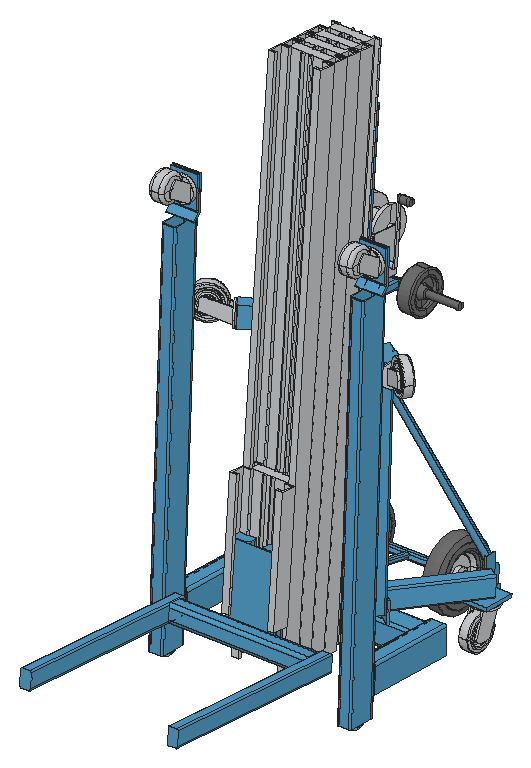
Revit family "Genie_Site_MaterialLifts_SLA25a", category Site, Revit 2018
Family settings
  Round Connector Dimension = Use Diameter
  Part Type = Normal
  OmniClass Number = 23.50.85.17.11
  OmniClass Title = Electric and Battery Telescoping Platforms
  Work Plane-Based = No
  Always vertical = Yes
  Cut with Voids When Loaded = No
  Shared = No
Parameters (values of type "SLA-25")
  _DistributedBy = "www.bimstore.co"
  _CurrentRevision = 1
  _CreatedBy = "www.bimstore.co"
  _BimSpecGuid = 0
  _BSBibleVersion = 16
  _AuthorizedBy = "bimstore"
  _Author = "RL"
  WarrantyStartDate [instance] = "Please Record On Commissioning."
  WarrantyGuarantorParts = "http://www.genielift.co.uk/en/about-us/contact-and-feedback/index.htm"
  WarrantyGuarantorLabor = "http://www.genielift.co.uk/en/about-us/contact-and-feedback/index.htm"
  WarrantyDurationUnit = "Years"
  WarrantyDurationParts = "0"
  WarrantyDurationLabor = "0"
  WarrantyDescription = "n/a"
  URL = "http://www.genielift.co.uk/en/"
  TypeName = Model  # "Genie - Material Lifts"
  Type Comments = "SLA-25"
  Stowed [instance] = yes
  SpareParts = "n/a"
  Size = "1850mm x 1990mm x 2080mm"
  Shape = "n/a"
  SerialNumber [instance] = "Please Record On Commissioning."
  RiserExtensionMin [instance] = 0.00 mm  # constant formula
  RiserExtensionMax [instance] = 7420.00 mm  # constant formula
  RiserExtension [instance] = 0.00 mm
  RiserExtensionCalc [instance] = if(RiserExtension > RiserExtensionMax, RiserExtensionMax, if(RiserExtension < RiserExtensionMin, RiserExtensionMin, RiserExtension))  # 0.00 mm
  ReplacementCost = "0"
  ReferencedStandard = "n/a"
  ProductionYear = "2021"
  NominalLength = 2080.00 mm
  NominalHeight = 1990.00 mm
  NominalDepth = 1850.00 mm
  NBSReference = "90-80-65/350"
  NBSOfficeMasterTag = "n/a"
  NBSObjectName = "Genie - Vertical lifting platforms"
  NBSNote = ""
  NBSDescription = "Vertical lifting platforms"
  ModelReference = Model  # "Genie - Material Lifts"
  ModelNumber = Type Comments  # "SLA-25"
  Model = "Genie - Material Lifts"
  Material = "Painted Steel"
  ManufacturerName = "Genie"
  Manufacturer = "Genie"
  MainFrameAngle = 2.50°  # constant formula
  Keynote = "X"
  InstallationDate [instance] = "Please Record On Commissioning."
  IfcExportType = "IfcTransportElementType"
  IfcExportAs = "IfcTransportElement"
  Grey = Steel, Paint Finish, Grey, Genie
  Grade = "n/a"
  Finish = "Painted Steel"
  Features = "Ideal for a variety of rental, light-duty construction and maintenance applications, the Genie® AWP®-40S Super Series aerial work platform is an industry favorite due to its ease of use, convenience and flexibility. It boasts easy loading and transport in service vans."
  ExpectedLife = 0
  ErrorMessage [instance] = if(RiserExtension > RiserExtensionMax, "Please see 'RiserExtensionMax' for maximum value.", if(RiserExtension < RiserExtensionMin, "Please see 'RiserExtensionMin' for minimum value.", "No Error"))  # "No Error"
  Error [instance] = or(RiserExtension > RiserExtensionMax, RiserExtension < RiserExtensionMin)  # no
  DurationUnit = "Years"
  DocumentationTechnical = "https://www.genielift.com/docs/default-source/product-specifications/material-lifts/en/sla_specsheet_2019.pdf?sfvrsn=25787071_6"
  DocumentationMaintenance = "n/a"
  DocumentationLiterature = "https://www.genielift.com/docs/default-source/product-specifications/material-lifts/en/sla_specsheet_2019.pdf?sfvrsn=25787071_6"
  DocumentationInstallationGuide = "n/a"
  DocumentationCertificates = "n/a"
  Description = "A manually operated material lift, the Genie® Superlift Advantage™ SLA™-25 lift is designed to be versatile, with a range of compatible material handling attachments."
  CreatedOn = "2021-04-19T09:00:00"
  CreatedBy = "http://www.genielift.co.uk/en/about-us/contact-and-feedback/index.htm"
  Cost = 0
  Constituents = "n/a"
  Color = "Grey & Blue"
  CodePerformance = "n/a"
  ClassificationValue = "Pr_65_80_47_95"
  ClassificationName = "Uniclass2015"
  Blue = Steel, Paint Finish, Blue, Genie
  Black = Steel, Paint Finish, Black, Genie
  BarCode [instance] = "Please Record On Commissioning."
  BIMObjectName = "Genie_Site_MaterialLifts_SLA25"
  AssetType = "Fixed"
  AssetIdentifier [instance] = "n/a"
  Assembly Code = "E1030900"
  ArmAngle = 5.00°  # constant formula
  AccessibilityPerformance = "n/a"
Reference planes
  plane 1 "Center (Front/Back)": y = 0
  plane 2: z = 0
  plane 3 "Center (Left/Right)": x = 0
  plane 4: y = -52.984
  plane 5: z = 60.9
  plane 6: y = -332.916
Lines and regions (mm)
  reference lines
    curve 1: line (0, -52.984, 60.9) -> (0, -112.442, 66.101)
    curve 2: line (0, -52.984, 60.9) -> (0, -49.934, 95.766)
    curve 3: line (0, -332.916, 0) -> (0, -427.826, 4.144)
    curve 4: line (0, -332.916, 0) -> (0, -328.99, 89.914)
Dimensions and locks
  locked: curve 1 to curve 2 (angle 90.00°)
  "ArmAngle": angle plane 5 to curve 1
  locked: curve 3 to curve 4 (angle 90.00°)
  "MainFrameAngle": angle plane 2 to curve 3
  aligned and locked: level to plane 2
  aligned and locked: plane 4 to curve 1
  aligned and locked: plane 5 to curve 1
  aligned and locked: nested 1 to curve 2
  aligned and locked: plane 6 to curve 3
  aligned and locked: nested 2 to curve 4
Automatic sketch dimensions
  curve 4 to level = 0.00 mm
Nested families
  nested 1: "Arm" at (0, -52.984, 60.9) x (1, 0, 0) z (0, 0.0872, 0.9962), type "Arm"
  nested 2: "MainFrame" at (0, -332.916, 0) x (1, 0, 0) z (0, 0.0436, 0.999), type "MainFrame"
    with StowedAngle 0.00°, Stowed yes, Extended no
  nested 3: "Wheel" at (0, 42.247, 1094.759) x (1, 0, 0) z (0, 0.9962, -0.0872), type "Wheel"
  nested 4: "Error Mark" at (0, -1000, 395), visible <- "Error", type "Error Mark"
Definition of nested family "Arm"
  Parameters (values of type "Arm")
    SingleFrameHeight = 1944.60 mm  # constant formula
    OffsetCalc = (Extension / 4)  # 0.00 mm
    Grey = none
    Extension = 0.00 mm
    Default Elevation = 1219.20 mm
    Blue = none
    BasketOffsetCalc = if(Extension = 0.00 mm, (150.00 mm - 63.50 mm), OffsetCalc - 63.50 mm)  # 86.50 mm
  Reference planes
    plane 1 "Center (Front/Back)": y = 0
    plane 2: z = 0
    plane 3 "Center (Left/Right)": x = 0
    plane 4: z = 1944.6
    plane 5: z = 1944.6
    plane 6: z = 0
    plane 7: z = 1944.6
    plane 8: z = 0
    plane 9: z = 1944.6
    plane 10: z = 0
    plane 11: z = 86.5
    plane 12: y = -337.947
    plane 13: z = 150
  Forms (mm)
    Extrusion 1, solid
      sketch origin (0, 0, 0) x (1, 0, 0) y (0, 1, 0)
        loop
          line (-1219.2, 1219.2) -> (-1219.2, -1219.2) -> (1219.2, -1219.2) -> (1219.2, 1219.2) -> (-1219.2, 1219.2)
      from 0 to -304.8
    Sweep 2, solid, material <- "Grey"
      path origin (0, 0, 0) x (0, 1, 0) y (0, 0, 1)
        loop
          line (0, 1944.6) -> (0, 0)
      profile origin (0, 0, 972.3) x (1, 0, 0) y (0, 1, 0)
        loop
          line (62.611, -9.931) -> (18.161, -9.931) -> (18.161, 0) -> (13.335, 0) -> (13.335, -9.931) -> (-11.811, -9.931) -> (-11.811, 0) -> (-16.637, 0) -> (-16.637, -9.931) -> (-64.135, -9.931) -> (-64.135, 0) -> (-88.519, 0) -> (-88.519, -7.493) -> (-69.469, -7.493) -> (-69.469, -51.943) -> (-97.282, -51.943) -> (-97.282, -109.855) -> (-72.136, -109.855) -> (-72.136, -101.981) -> (-91.694, -101.981) -> (-91.694, -57.531) -> (-62.713, -57.531) -> (-62.713, -47.219) -> (-18.263, -47.219) -> (-18.263, -57.531) -> (-13.437, -57.531) -> (-13.437, -47.219) -> (11.862, -47.219) -> (11.862, -57.531) -> (16.688, -57.531) -> (16.688, -47.219) -> (64.186, -47.219) -> (64.186, -57.531) -> (91.694, -57.531) -> (91.694, -101.981) -> (72.136, -101.981) -> (72.136, -109.855) -> (97.244, -109.855) -> (97.244, -51.943) -> (69.469, -51.943) -> (69.469, -7.493) -> (88.519, -7.493) -> (88.519, 0) -> (62.611, 0) -> (62.611, -9.931)
    Sweep 3, solid, material <- "Grey"
      path origin (0, 0, 0) x (0, 1, 0) y (0, 0, 1)
        loop
          line (0, 1944.6) -> (0, 0)
      profile origin (0, 0, 972.3) x (1, 0, 0) y (0, 1, 0)
        loop
          line (62.611, -70.51) -> (18.161, -70.51) -> (18.161, -60.198) -> (13.335, -60.198) -> (13.335, -70.51) -> (-11.811, -70.51) -> (-11.811, -60.198) -> (-16.637, -60.198) -> (-16.637, -70.51) -> (-64.135, -70.51) -> (-64.135, -60.198) -> (-88.519, -60.198) -> (-88.519, -68.072) -> (-69.469, -68.072) -> (-69.469, -112.522) -> (-97.282, -112.522) -> (-97.282, -170.434) -> (-72.136, -170.434) -> (-72.136, -162.56) -> (-91.694, -162.56) -> (-91.694, -118.11) -> (-62.713, -118.11) -> (-62.713, -107.798) -> (-18.263, -107.798) -> (-18.263, -118.11) -> (-13.437, -118.11) -> (-13.437, -107.798) -> (11.862, -107.798) -> (11.862, -118.11) -> (16.688, -118.11) -> (16.688, -107.798) -> (64.186, -107.798) -> (64.186, -118.11) -> (91.694, -118.11) -> (91.694, -162.56) -> (72.136, -162.56) -> (72.136, -170.434) -> (97.244, -170.434) -> (97.244, -112.522) -> (69.469, -112.522) -> (69.469, -68.072) -> (88.519, -68.072) -> (88.519, -60.579) -> (62.611, -60.579) -> (62.611, -70.51)
    Sweep 4, solid, material <- "Grey"
      path origin (0, 0, 0) x (0, 1, 0) y (0, 0, 1)
        loop
          line (0, 1944.6) -> (0, 0)
      profile origin (0, 0, 972.3) x (1, 0, 0) y (0, 1, 0)
        loop
          line (62.611, -131.089) -> (18.161, -131.089) -> (18.161, -120.777) -> (13.335, -120.777) -> (13.335, -131.089) -> (-11.811, -131.089) -> (-11.811, -120.777) -> (-16.637, -120.777) -> (-16.637, -131.089) -> (-64.135, -131.089) -> (-64.135, -120.777) -> (-88.519, -120.777) -> (-88.519, -128.651) -> (-69.469, -128.651) -> (-69.469, -173.101) -> (-97.282, -173.101) -> (-97.282, -231.013) -> (-72.136, -231.013) -> (-72.136, -223.139) -> (-91.694, -223.139) -> (-91.694, -178.689) -> (-62.713, -178.689) -> (-62.713, -168.377) -> (-18.263, -168.377) -> (-18.263, -178.689) -> (-13.437, -178.689) -> (-13.437, -168.377) -> (11.862, -168.377) -> (11.862, -178.689) -> (16.688, -178.689) -> (16.688, -168.377) -> (64.186, -168.377) -> (64.186, -178.689) -> (91.694, -178.689) -> (91.694, -223.139) -> (72.136, -223.139) -> (72.136, -231.013) -> (97.244, -231.013) -> (97.244, -173.101) -> (69.469, -173.101) -> (69.469, -128.651) -> (88.519, -128.651) -> (88.519, -121.158) -> (62.611, -121.158) -> (62.611, -131.089)
    Sweep 5, solid, material <- "Grey"
      path origin (0, 0, 0) x (0, 1, 0) y (0, 0, 1)
        loop
          line (0, 1944.6) -> (0, 0)
      profile origin (0, 0, 972.3) x (1, 0, 0) y (0, 1, 0)
        loop
          line (62.611, -191.668) -> (18.161, -191.668) -> (18.161, -181.356) -> (13.335, -181.356) -> (13.335, -191.668) -> (-11.811, -191.668) -> (-11.811, -181.356) -> (-16.637, -181.356) -> (-16.637, -191.668) -> (-64.135, -191.668) -> (-64.135, -181.356) -> (-88.519, -181.356) -> (-88.519, -189.23) -> (-69.469, -189.23) -> (-69.469, -233.68) -> (-97.282, -233.68) -> (-97.282, -291.592) -> (-72.136, -291.592) -> (-72.136, -283.718) -> (-91.694, -283.718) -> (-91.694, -239.268) -> (-62.713, -239.268) -> (-62.713, -228.956) -> (-18.263, -228.956) -> (-18.263, -239.268) -> (-13.437, -239.268) -> (-13.437, -228.956) -> (11.862, -228.956) -> (11.862, -239.268) -> (16.688, -239.268) -> (16.688, -228.956) -> (64.186, -228.956) -> (64.186, -239.268) -> (91.694, -239.268) -> (91.694, -283.718) -> (72.136, -283.718) -> (72.136, -291.592) -> (97.244, -291.592) -> (97.244, -233.68) -> (69.469, -233.68) -> (69.469, -189.23) -> (88.519, -189.23) -> (88.519, -181.737) -> (62.611, -181.737) -> (62.611, -191.668)
  Dimensions and locks
    "SingleFrameHeight": level to plane 4
    "SingleFrameHeight": plane 6 to plane 5
    "SingleFrameHeight": plane 8 to plane 7
    "SingleFrameHeight": plane 10 to plane 9
    "OffsetCalc": plane 6 to level
    "OffsetCalc": plane 6 to plane 8
    "OffsetCalc": plane 8 to plane 10
    "BasketOffsetCalc": plane 10 to plane 11
    locked: plane 12 to plane 1 "Center (Front/Back)" at 337.947
    locked: plane 13 to plane 11 at 63.5
    aligned and locked: plane 2 to Extrusion 1
    aligned and locked: level to Extrusion 1
    aligned and locked: plane 1 "Center (Front/Back)" to Sweep 2 sketch curve
    aligned and locked: level to Sweep 2 sketch curve
    aligned and locked: plane 4 to Sweep 2 sketch curve
    aligned and locked: plane 1 "Center (Front/Back)" to Sweep 3 sketch curve
    aligned and locked: Sweep 3 sketch curve to plane 6
    aligned and locked: Sweep 3 sketch curve to plane 5
    aligned and locked: plane 1 "Center (Front/Back)" to Sweep 4 sketch curve
    aligned and locked: Sweep 4 sketch curve to plane 8
    aligned and locked: Sweep 4 sketch curve to plane 7
    aligned and locked: plane 1 "Center (Front/Back)" to Sweep 5 sketch curve
    aligned and locked: Sweep 5 sketch curve to plane 10
    aligned and locked: Sweep 5 sketch curve to plane 9
    aligned and locked: plane 3 "Center (Left/Right)" to nested 1
    aligned and locked: plane 12 to nested 1
  Automatic sketch dimensions
    Extrusion 1 sketch curve to Extrusion 1 sketch curve = 2438.40 mm  (x2)
    profile plane to Sweep 2 sketch curve = 0.00 mm
    Sweep 2 sketch curve to plane 3 "Center (Left/Right)" = 97.282 mm
    Sweep 2 sketch curve to Sweep 2 sketch curve = 5.588 mm  (x3)
    Sweep 2 sketch curve to profile plane = 0.00 mm  (x3)
    Sweep 2 sketch curve to Sweep 2 sketch curve = 8.763 mm
    Sweep 2 sketch curve to Sweep 2 sketch curve = 19.558 mm  (x2)
    profile plane to Sweep 2 sketch curve = 7.493 mm  (x2)
    Sweep 2 sketch curve to Sweep 2 sketch curve = 19.05 mm  (x2)
    Sweep 2 sketch curve to Sweep 2 sketch curve = 5.334 mm
    Sweep 2 sketch curve to Sweep 2 sketch curve = 6.756 mm
    Sweep 2 sketch curve to plane 3 "Center (Left/Right)" = 18.263 mm
    Sweep 2 sketch curve to plane 3 "Center (Left/Right)" = 16.637 mm
    Sweep 2 sketch curve to Sweep 2 sketch curve = 4.826 mm  (x4)
    plane 3 "Center (Left/Right)" to Sweep 2 sketch curve = 11.862 mm
    plane 3 "Center (Left/Right)" to Sweep 2 sketch curve = 13.335 mm
    Sweep 2 sketch curve to Sweep 2 sketch curve = 44.45 mm  (x3)
    Sweep 2 sketch curve to Sweep 2 sketch curve = 1.575 mm
    Sweep 2 sketch curve to Sweep 2 sketch curve = 6.858 mm
    Sweep 2 sketch curve to Sweep 2 sketch curve = 7.95 mm
    Sweep 2 sketch curve to Sweep 2 sketch curve = 5.55 mm
    Sweep 2 sketch curve to Sweep 2 sketch curve = 2.438 mm
    Sweep 2 sketch curve to Sweep 2 sketch curve = 0.00 mm  (x2)
    Sweep 2 sketch curve to Sweep 2 sketch curve = 37.287 mm  (x2)
    Sweep 2 sketch curve to Sweep 2 sketch curve = 4.724 mm  (x2)
    Sweep 2 sketch curve to Sweep 2 sketch curve = 10.312 mm  (x2)
    Sweep 2 sketch curve to Sweep 2 sketch curve = 7.874 mm  (x2)
    Sweep 2 sketch curve to Sweep 2 sketch curve = 102.362 mm
    profile plane to Sweep 3 sketch curve = 60.579 mm
    Sweep 3 sketch curve to plane 3 "Center (Left/Right)" = 97.282 mm
    Sweep 3 sketch curve to Sweep 3 sketch curve = 5.588 mm  (x3)
    profile plane to Sweep 3 sketch curve = 60.198 mm  (x3)
    Sweep 3 sketch curve to Sweep 3 sketch curve = 8.763 mm
    Sweep 3 sketch curve to Sweep 3 sketch curve = 19.558 mm  (x2)
    Sweep 3 sketch curve to Sweep 3 sketch curve = 22.225 mm
    Sweep 3 sketch curve to Sweep 3 sketch curve = 5.334 mm
    Sweep 3 sketch curve to Sweep 3 sketch curve = 6.756 mm
    Sweep 3 sketch curve to plane 3 "Center (Left/Right)" = 18.263 mm
    Sweep 3 sketch curve to plane 3 "Center (Left/Right)" = 16.637 mm
    Sweep 3 sketch curve to Sweep 3 sketch curve = 4.826 mm  (x4)
    plane 3 "Center (Left/Right)" to Sweep 3 sketch curve = 11.862 mm
    plane 3 "Center (Left/Right)" to Sweep 3 sketch curve = 13.335 mm
    profile plane to Sweep 3 sketch curve = 70.51 mm  (x2)
    Sweep 3 sketch curve to Sweep 3 sketch curve = 44.45 mm  (x3)
    Sweep 3 sketch curve to Sweep 3 sketch curve = 47.498 mm
    Sweep 3 sketch curve to Sweep 3 sketch curve = 6.858 mm
    Sweep 3 sketch curve to Sweep 3 sketch curve = 7.95 mm
    profile plane to Sweep 3 sketch curve = 68.072 mm
    Sweep 3 sketch curve to Sweep 3 sketch curve = 19.05 mm
    Sweep 3 sketch curve to Sweep 3 sketch curve = 5.55 mm
    profile plane to Sweep 3 sketch curve = 107.798 mm
    Sweep 3 sketch curve to Sweep 3 sketch curve = 37.287 mm
    Sweep 3 sketch curve to Sweep 3 sketch curve = 0.00 mm  (x2)
    Sweep 3 sketch curve to Sweep 3 sketch curve = 4.724 mm  (x2)
    Sweep 3 sketch curve to Sweep 3 sketch curve = 10.312 mm  (x2)
    Sweep 3 sketch curve to Sweep 3 sketch curve = 7.874 mm  (x2)
    Sweep 3 sketch curve to Sweep 3 sketch curve = 2.438 mm
    profile plane to Sweep 4 sketch curve = 121.158 mm
    Sweep 4 sketch curve to plane 3 "Center (Left/Right)" = 97.282 mm
    Sweep 4 sketch curve to Sweep 4 sketch curve = 5.588 mm  (x3)
    profile plane to Sweep 4 sketch curve = 120.777 mm  (x3)
    Sweep 4 sketch curve to Sweep 4 sketch curve = 8.763 mm
    Sweep 4 sketch curve to Sweep 4 sketch curve = 19.558 mm  (x2)
    Sweep 4 sketch curve to Sweep 4 sketch curve = 22.225 mm
    Sweep 4 sketch curve to Sweep 4 sketch curve = 5.334 mm
    Sweep 4 sketch curve to Sweep 4 sketch curve = 6.756 mm
    Sweep 4 sketch curve to plane 3 "Center (Left/Right)" = 18.263 mm
    Sweep 4 sketch curve to plane 3 "Center (Left/Right)" = 16.637 mm
    Sweep 4 sketch curve to Sweep 4 sketch curve = 4.826 mm  (x4)
    plane 3 "Center (Left/Right)" to Sweep 4 sketch curve = 11.862 mm
    plane 3 "Center (Left/Right)" to Sweep 4 sketch curve = 13.335 mm
    profile plane to Sweep 4 sketch curve = 131.089 mm  (x2)
    Sweep 4 sketch curve to Sweep 4 sketch curve = 44.45 mm  (x3)
    Sweep 4 sketch curve to Sweep 4 sketch curve = 47.498 mm
    Sweep 4 sketch curve to Sweep 4 sketch curve = 6.858 mm
    Sweep 4 sketch curve to Sweep 4 sketch curve = 7.95 mm
    profile plane to Sweep 4 sketch curve = 128.651 mm
    Sweep 4 sketch curve to Sweep 4 sketch curve = 19.05 mm
    Sweep 4 sketch curve to Sweep 4 sketch curve = 5.55 mm
    profile plane to Sweep 4 sketch curve = 168.377 mm
    Sweep 4 sketch curve to Sweep 4 sketch curve = 37.287 mm
    Sweep 4 sketch curve to Sweep 4 sketch curve = 0.00 mm  (x2)
    Sweep 4 sketch curve to Sweep 4 sketch curve = 4.724 mm  (x2)
    Sweep 4 sketch curve to Sweep 4 sketch curve = 10.312 mm  (x2)
    Sweep 4 sketch curve to Sweep 4 sketch curve = 7.874 mm  (x2)
    Sweep 4 sketch curve to Sweep 4 sketch curve = 2.438 mm
    profile plane to Sweep 5 sketch curve = 181.737 mm
    Sweep 5 sketch curve to plane 3 "Center (Left/Right)" = 97.282 mm
    Sweep 5 sketch curve to Sweep 5 sketch curve = 5.588 mm  (x3)
    profile plane to Sweep 5 sketch curve = 181.356 mm  (x3)
    Sweep 5 sketch curve to Sweep 5 sketch curve = 8.763 mm
    Sweep 5 sketch curve to Sweep 5 sketch curve = 19.558 mm  (x2)
    Sweep 5 sketch curve to Sweep 5 sketch curve = 22.225 mm
    Sweep 5 sketch curve to Sweep 5 sketch curve = 5.334 mm
    Sweep 5 sketch curve to Sweep 5 sketch curve = 6.756 mm
    Sweep 5 sketch curve to plane 3 "Center (Left/Right)" = 18.263 mm
    Sweep 5 sketch curve to plane 3 "Center (Left/Right)" = 16.637 mm
    Sweep 5 sketch curve to Sweep 5 sketch curve = 4.826 mm  (x4)
    plane 3 "Center (Left/Right)" to Sweep 5 sketch curve = 11.862 mm
    plane 3 "Center (Left/Right)" to Sweep 5 sketch curve = 13.335 mm
    profile plane to Sweep 5 sketch curve = 191.668 mm  (x2)
    Sweep 5 sketch curve to Sweep 5 sketch curve = 44.45 mm  (x3)
    Sweep 5 sketch curve to Sweep 5 sketch curve = 47.498 mm
    Sweep 5 sketch curve to Sweep 5 sketch curve = 6.858 mm
    Sweep 5 sketch curve to Sweep 5 sketch curve = 7.95 mm
    profile plane to Sweep 5 sketch curve = 189.23 mm
    Sweep 5 sketch curve to Sweep 5 sketch curve = 19.05 mm
    Sweep 5 sketch curve to Sweep 5 sketch curve = 5.55 mm
    profile plane to Sweep 5 sketch curve = 228.956 mm
    Sweep 5 sketch curve to Sweep 5 sketch curve = 37.287 mm
    Sweep 5 sketch curve to Sweep 5 sketch curve = 0.00 mm  (x2)
    Sweep 5 sketch curve to Sweep 5 sketch curve = 4.724 mm  (x2)
    Sweep 5 sketch curve to Sweep 5 sketch curve = 10.312 mm  (x2)
    Sweep 5 sketch curve to Sweep 5 sketch curve = 7.874 mm  (x2)
    Sweep 5 sketch curve to Sweep 5 sketch curve = 2.438 mm
  Nested families
    nested 1: "Basket" at (0, -337.947, 86.5), type "Basket"
  Definition of nested family "Basket"
    Parameters (values of type "Basket")
      Grey = none
      Default Elevation = 1219.20 mm
      Blue = none
    Reference planes
      plane 1 "Center (Front/Back)": y = 0
      plane 2: z = 0
      plane 3 "Center (Left/Right)": x = 0
    Forms (mm)
      Extrusion 1, solid
        sketch origin (0, 0, 0) x (1, 0, 0) y (0, 1, 0)
          loop
            line (-1219.2, 1219.2) -> (-1219.2, -1219.2) -> (1219.2, -1219.2) -> (1219.2, 1219.2) -> (-1219.2, 1219.2)
        from 0 to -304.8
      Extrusion 2, solid, material <- "Grey"
        sketch origin (0, 0, 0) x (1, 0, 0) y (0, 1, 0)
          loop
            line (-69.444, 88.138) -> (-69.444, 43.688) -> (-97.257, 43.688) -> (-97.257, -14.224) -> (-72.111, -14.224) -> (-72.111, -6.35) -> (-91.669, -6.35) -> (-91.669, 38.1) -> (-62.687, 38.1) -> (-62.687, 48.412) -> (-18.237, 48.412) -> (-18.237, 38.1) -> (-13.411, 38.1) -> (-13.411, 48.412) -> (11.887, 48.412) -> (11.887, 38.1) -> (16.713, 38.1) -> (16.713, 48.412) -> (64.214, 48.412) -> (64.214, 38.1) -> (91.719, 38.1) -> (91.719, -6.35) -> (72.161, -6.35) -> (72.161, -14.224) -> (97.307, -14.224) -> (97.307, 43.688) -> (69.494, 43.688) -> (69.494, 88.138) -> (88.544, 88.138) -> (88.544, 96.012) -> (62.662, 96.012) -> (62.662, 85.7) -> (18.212, 85.7) -> (18.212, 96.012) -> (13.386, 96.012) -> (13.386, 85.7) -> (-11.786, 85.7) -> (-11.786, 96.012) -> (-16.612, 96.012) -> (-16.612, 85.7) -> (-64.11, 85.7) -> (-64.11, 96.012) -> (-88.494, 96.012) -> (-88.494, 88.138) -> (-69.444, 88.138)
        from 72.898 to 523.748
      Extrusion 3, solid, material <- "Blue"
        sketch origin (0, 0, 0) x (1, 0, 0) y (0, 1, 0)
          loop
            line (-34.925, 38.1) -> (-79.375, 38.1)
            arc (-79.375, 38.1) -> (-86.11, 35.31) -> (-88.9, 28.575) r 9.525
            line (-88.9, 28.575) -> (-88.9, 9.525)
            arc (-88.9, 9.525) -> (-86.11, 2.79) -> (-79.375, 0) r 9.525
            line (-79.375, 0) -> (-34.925, 0)
            arc (-34.925, 0) -> (-28.19, 2.79) -> (-25.4, 9.525) r 9.525
            line (-25.4, 9.525) -> (-25.4, 28.575)
            arc (-25.4, 28.575) -> (-28.19, 35.31) -> (-34.925, 38.1) r 9.525
          loop
            line (79.375, 38.1) -> (34.925, 38.1)
            arc (34.925, 38.1) -> (28.19, 35.31) -> (25.4, 28.575) r 9.525
            line (25.4, 28.575) -> (25.4, 9.525)
            arc (25.4, 9.525) -> (28.19, 2.79) -> (34.925, 0) r 9.525
            line (34.925, 0) -> (79.375, 0)
            arc (79.375, 0) -> (86.11, 2.79) -> (88.9, 9.525) r 9.525
            line (88.9, 9.525) -> (88.9, 28.575)
            arc (88.9, 28.575) -> (86.11, 35.31) -> (79.375, 38.1) r 9.525
        from 0 to 317.5
      Extrusion 4, solid, material <- "Blue"
        sketch origin (0, 0, 0) x (0, 1, 0) y (0, 0, 1)
          loop
            arc (-63.5, 12.7) -> (-59.78, 3.72) -> (-50.8, 0) r 12.7
            line (-50.8, 0) -> (-12.7, 0)
            arc (-12.7, 0) -> (-3.72, 3.72) -> (0, 12.7) r 12.7
            line (0, 12.7) -> (0, 50.8)
            arc (0, 50.8) -> (-3.72, 59.78) -> (-12.7, 63.5) r 12.7
            line (-12.7, 63.5) -> (-50.8, 63.5)
            arc (-50.8, 63.5) -> (-59.78, 59.78) -> (-63.5, 50.8) r 12.7
            line (-63.5, 50.8) -> (-63.5, 12.7)
        from -254 to 254
      Extrusion 5, solid, material <- "Blue"
        sketch origin (0, 0, 0) x (1, 0, 0) y (0, 0, 1)
          loop
            line (-260.096, 63.5) -> (-286.004, 63.5)
            arc (-286.004, 63.5) -> (-290.315, 61.715) -> (-292.1, 57.404) r 6.096
            line (-292.1, 57.404) -> (-292.1, 6.096)
            arc (-292.1, 6.096) -> (-290.315, 1.785) -> (-286.004, 0) r 6.096
            line (-286.004, 0) -> (-260.096, 0)
            arc (-260.096, 0) -> (-255.785, 1.785) -> (-254, 6.096) r 6.096
            line (-254, 6.096) -> (-254, 57.404)
            arc (-254, 57.404) -> (-255.785, 61.715) -> (-260.096, 63.5) r 6.096
          loop
            arc (260.096, 63.5) -> (255.785, 61.715) -> (254, 57.404) r 6.096
            line (254, 57.404) -> (254, 6.096)
            arc (254, 6.096) -> (255.785, 1.785) -> (260.096, 0) r 6.096
            line (260.096, 0) -> (286.004, 0)
            arc (286.004, 0) -> (290.315, 1.785) -> (292.1, 6.096) r 6.096
            line (292.1, 6.096) -> (292.1, 57.404)
            arc (292.1, 57.404) -> (290.315, 61.715) -> (286.004, 63.5) r 6.096
            line (286.004, 63.5) -> (260.096, 63.5)
        from -9.652 to 701.548
      Extrusion 6, solid, material <- "Blue"
        sketch origin (0, 0, 0) x (1, 0, 0) y (0, 0, 1)
          loop
            line (88.9, 314.325) -> (-88.9, 314.325) -> (-88.9, 60.325) -> (88.9, 60.325) -> (88.9, 314.325)
        from 0 to 4.763
    Cuts and joins
      joined: Extrusion 3, Extrusion 4, Extrusion 5, Extrusion 6
    Dimensions and locks
      aligned and locked: plane 2 to Extrusion 1
      aligned and locked: level to Extrusion 1
Definition of nested family "MainFrame"
  Parameters (values of type "MainFrame")
    StowedAngle = if(Stowed, 0.00°, 93.00°)  # 93.00°
    Stowed = no
    Grey = none
    Extended = not(Stowed)  # yes
    Default Elevation = 1219.20 mm
    Blue = none
    Black = none
  Reference planes
    plane 1 "Center (Front/Back)": y = 0
    plane 2: z = 0
    plane 3 "Center (Left/Right)": x = 0
    plane 4: x = 349.262
    plane 5: x = -349.262
    plane 6: y = 644.218
    plane 7: through (0, 644.218, 295.854) normal (0, 0.9239, 0.3827)
    plane 8: z = 193.793
    plane 9: z = 165.35
    plane 10: y = 21.957
  Forms (mm)
    Extrusion 1, solid
      sketch origin (0, 0, 0) x (1, 0, 0) y (0, 1, 0)
        loop
          line (-1219.2, 1219.2) -> (-1219.2, -1219.2) -> (1219.2, -1219.2) -> (1219.2, 1219.2) -> (-1219.2, 1219.2)
      from 0 to -304.8
    Extrusion 2, solid, material <- "Blue"
      sketch origin (0, 0, 0) x (1, 0, 0) y (0, 0, 1)
        loop
          line (-376.5, 98.543) -> (-376.5, 190.666)
          arc (-376.5, 190.666) -> (-375.042, 194.185) -> (-371.524, 195.643) r 4.976
          line (-371.524, 195.643) -> (-327, 195.643)
          arc (-327, 195.643) -> (-323.464, 194.178) -> (-322, 190.643) r 5
          line (-322, 190.643) -> (-322, 98.543) -> (-317.5, 98.543) -> (-317.5, 190.643)
          arc (-317.5, 190.643) -> (-320.282, 197.36) -> (-327, 200.143) r 9.5
          line (-327, 200.143) -> (-371.524, 200.143)
          arc (-371.524, 200.143) -> (-378.224, 197.367) -> (-381, 190.666) r 9.476
          line (-381, 190.666) -> (-381, 98.543) -> (-376.5, 98.543)
        loop
          line (376.5, 98.543) -> (381, 98.543) -> (381, 190.666)
          arc (381, 190.666) -> (378.224, 197.367) -> (371.524, 200.143) r 9.476
          line (371.524, 200.143) -> (327, 200.143)
          arc (327, 200.143) -> (320.282, 197.36) -> (317.5, 190.643) r 9.5
          line (317.5, 190.643) -> (317.5, 98.543) -> (322, 98.543) -> (322, 190.643)
          arc (322, 190.643) -> (323.464, 194.178) -> (327, 195.643) r 5
          line (327, 195.643) -> (371.524, 195.643)
          arc (371.524, 195.643) -> (375.042, 194.185) -> (376.5, 190.666) r 4.976
          line (376.5, 190.666) -> (376.5, 98.543)
      from -377.518 to -51.382
    Extrusion 3, solid, material <- "Blue"
      sketch origin (0, 0, 0) x (0, 1, 0) y (0, 0, 1)
        loop
          arc (371.168, 184.141) -> (368.341, 190.966) -> (361.516, 193.793) r 9.652
          line (361.516, 193.793) -> (291.92, 193.793)
          arc (291.92, 193.793) -> (285.095, 190.966) -> (282.268, 184.141) r 9.652
          line (282.268, 184.141) -> (282.268, 114.545)
          arc (282.268, 114.545) -> (285.095, 107.72) -> (291.92, 104.893) r 9.652
          line (291.92, 104.893) -> (361.516, 104.893)
          arc (361.516, 104.893) -> (368.341, 107.72) -> (371.168, 114.545) r 9.652
          line (371.168, 114.545) -> (371.168, 184.141)
      from -317.5 to 317.5
    Extrusion 4, solid, material <- "Blue"
      sketch origin (0, -10.399, 12.78) x (1, 0, 0) y (0, 0.043619, 0.999048)
        loop
          line (-101.6, 295.573) -> (-101.6, 193.793) -> (101.6, 193.793) -> (101.6, 295.573) -> (-101.6, 295.573)
      from -290.831 to -284.481
    Sweep 5, solid, material <- "Blue"
      path origin (0, 0, 0) x (0, 1, 0) y (0, 0, 1)
        loop
          line (279.889, 257.562) -> (668.19, 192.583)
      profile origin (0, 474.039, 225.073) x (0, 0.165048, 0.986286) y (1, 0, 0)
        loop
          arc (0, 5.525) -> (-1.172, 8.353) -> (-4, 9.525) r 4
          line (-4, 9.525) -> (-15.05, 9.525)
          arc (-15.05, 9.525) -> (-17.878, 8.353) -> (-19.05, 5.525) r 4
          line (-19.05, 5.525) -> (-19.05, -5.525)
          arc (-19.05, -5.525) -> (-17.878, -8.353) -> (-15.05, -9.525) r 4
          line (-15.05, -9.525) -> (-4, -9.525)
          arc (-4, -9.525) -> (-1.172, -8.353) -> (0, -5.525) r 4
          line (0, -5.525) -> (0, 5.525)
    Extrusion 6, solid, material <- "Blue"
      sketch origin (0, 0, 0) x (0, 1, 0) y (0, 0, 1)
        loop
          arc (666.443, 172.52) -> (667.652, 169.602) -> (670.571, 168.393) r 4.127
          line (670.571, 168.393) -> (687.716, 168.393)
          arc (687.716, 168.393) -> (690.634, 169.602) -> (691.843, 172.52) r 4.127
          line (691.843, 172.52) -> (691.843, 189.665)
          arc (691.843, 189.665) -> (690.634, 192.584) -> (687.716, 193.793) r 4.127
          line (687.716, 193.793) -> (670.571, 193.793)
          arc (670.571, 193.793) -> (667.652, 192.584) -> (666.443, 189.665) r 4.127
          line (666.443, 189.665) -> (666.443, 172.52)
      from 200.812 to 327.812
    Extrusion 7, solid, material <- "Blue"
      sketch origin (0, 0, 0) x (0, 1, 0) y (0, 0, -1)
        loop
          line (666.443, -172.52) -> (666.443, -189.665)
          arc (666.443, -189.665) -> (667.652, -192.584) -> (670.571, -193.793) r 4.127
          line (670.571, -193.793) -> (687.716, -193.793)
          arc (687.716, -193.793) -> (690.634, -192.584) -> (691.843, -189.665) r 4.127
          line (691.843, -189.665) -> (691.843, -172.52)
          arc (691.843, -172.52) -> (690.634, -169.602) -> (687.716, -168.393) r 4.127
          line (687.716, -168.393) -> (670.571, -168.393)
          arc (670.571, -168.393) -> (667.652, -169.602) -> (666.443, -172.52) r 4.127
      from 200.812 to 327.812
    Extrusion 8, solid, material <- "Blue"
      sketch origin (0, 0, 0) x (0, 1, 0) y (0, 0, 1)
        loop
          arc (672.784, 195.033) -> (669.706, 194.323) -> (668.032, 191.644) r 4.127
          line (668.032, 191.644) -> (665.203, 174.734)
          arc (665.203, 174.734) -> (665.913, 171.656) -> (668.592, 169.982) r 4.127
          line (668.592, 169.982) -> (685.502, 167.152)
          arc (685.502, 167.152) -> (688.58, 167.863) -> (690.254, 170.542) r 4.127
          line (690.254, 170.542) -> (693.084, 187.451)
          arc (693.084, 187.451) -> (692.373, 190.53) -> (689.694, 192.204) r 4.127
          line (689.694, 192.204) -> (672.784, 195.033)
      from -152.4 to 152.4
    Revolve 9, solid, material <- "Grey"
      sketch origin (0, 691.843, 181.093) x (-1, 0, 0) y (0, -1, 0)
        loop
          line (-154.762, 12.7) -> (-198.45, 12.7) -> (-198.45, -12.065) -> (-179.781, -12.065) -> (-179.781, -46.602)
          arc (-179.781, -46.602) -> (-180.032, -47.434) -> (-180.702, -47.986) r 1.5
          arc (-180.702, -47.986) -> (-188.804, -52.123) -> (-196.19, -57.433) r 60.181
          arc (-196.19, -57.433) -> (-196.641, -57.694) -> (-197.155, -57.785) r 1.5
          line (-197.155, -57.785) -> (-156.057, -57.785)
          arc (-156.057, -57.785) -> (-156.571, -57.694) -> (-157.023, -57.433) r 1.5
          arc (-157.023, -57.433) -> (-164.408, -52.123) -> (-172.51, -47.986) r 60.181
          arc (-172.51, -47.986) -> (-173.18, -47.434) -> (-173.431, -46.602) r 1.5
          line (-173.431, -46.602) -> (-173.431, -12.065) -> (-154.762, -12.065) -> (-154.762, 12.7)
        axis (-198.45, 12.7) -> (-154.762, 12.7)
      angle from 0 to 360
    Revolve 10, solid, material <- "Black"
      sketch origin (0, 691.843, 181.093) x (-1, 0, 0) y (0, -1, 0)
        loop
          line (-154.085, -57.785) -> (-199.128, -57.785) -> (-203.27, -66.668)
          arc (-203.27, -66.668) -> (-206.866, -68.158) -> (-208.356, -71.754) r 5.086
          line (-208.356, -71.754) -> (-208.356, -90.763)
          arc (-208.356, -90.763) -> (-208.304, -91.446) -> (-208.149, -92.113) r 4.508
          line (-208.149, -92.113) -> (-201.989, -111.735)
          arc (-201.989, -111.735) -> (-176.606, -114.321) -> (-151.224, -111.735) r 125.855
          line (-151.224, -111.735) -> (-145.063, -92.113)
          arc (-145.063, -92.113) -> (-144.908, -91.446) -> (-144.856, -90.763) r 4.508
          line (-144.856, -90.763) -> (-144.856, -71.754)
          arc (-144.856, -71.754) -> (-146.346, -68.158) -> (-149.943, -66.668) r 5.086
          line (-149.943, -66.668) -> (-154.085, -57.785)
        axis (-208.356, 12.7) -> (-144.856, 12.7)
      angle from 0 to 360
    Revolve 11, solid, material <- "Grey"
      sketch origin (0, 691.843, 181.093) x (-1, 0, 0) y (0, -1, 0)
        loop
          line (154.762, 12.7) -> (154.762, -12.065) -> (173.431, -12.065) -> (173.431, -46.602)
          arc (173.431, -46.602) -> (173.18, -47.434) -> (172.51, -47.986) r 1.5
          arc (172.51, -47.986) -> (164.408, -52.123) -> (157.023, -57.433) r 60.181
          arc (157.023, -57.433) -> (156.571, -57.694) -> (156.057, -57.785) r 1.5
          line (156.057, -57.785) -> (197.155, -57.785)
          arc (197.155, -57.785) -> (196.641, -57.694) -> (196.19, -57.433) r 1.5
          arc (196.19, -57.433) -> (188.804, -52.123) -> (180.702, -47.986) r 60.181
          arc (180.702, -47.986) -> (180.032, -47.434) -> (179.781, -46.602) r 1.5
          line (179.781, -46.602) -> (179.781, -12.065) -> (198.45, -12.065) -> (198.45, 12.7) -> (154.762, 12.7)
        axis (198.45, 12.7) -> (154.762, 12.7)
      angle from 0 to 360
    Revolve 12, solid, material <- "Black"
      sketch origin (0, 691.843, 181.093) x (-1, 0, 0) y (0, -1, 0)
        loop
          line (154.085, -57.785) -> (149.943, -66.668)
          arc (149.943, -66.668) -> (146.346, -68.158) -> (144.856, -71.754) r 5.086
          line (144.856, -71.754) -> (144.856, -90.763)
          arc (144.856, -90.763) -> (144.908, -91.446) -> (145.063, -92.113) r 4.508
          line (145.063, -92.113) -> (151.224, -111.735)
          arc (151.224, -111.735) -> (176.606, -114.321) -> (201.989, -111.735) r 125.855
          line (201.989, -111.735) -> (208.149, -92.113)
          arc (208.149, -92.113) -> (208.304, -91.446) -> (208.356, -90.763) r 4.508
          line (208.356, -90.763) -> (208.356, -71.754)
          arc (208.356, -71.754) -> (206.866, -68.158) -> (203.27, -66.668) r 5.086
          line (203.27, -66.668) -> (199.128, -57.785) -> (154.085, -57.785)
        axis (208.356, 12.7) -> (144.856, 12.7)
      angle from 0 to 360
    Extrusion 13, solid, material <- "Grey"
      sketch origin (0, 0, 0) x (0, 1, 0) y (0, 0, 1)
        loop
          line (636.344, 167.123) -> (567.764, 167.123) -> (537.17, 78.841)
          arc (537.17, 78.841) -> (552.263, 68.583) -> (570.107, 64.765) r 47.555
          line (570.107, 64.765) -> (595.503, 64.314) -> (636.344, 167.123)
      from 363.22 to 369.57
    Extrusion 14, solid, material <- "Grey"
      sketch origin (-46.99, 0, 0) x (0, 1, 0) y (0, 0, 1)
        loop
          line (636.344, 167.123) -> (567.764, 167.123) -> (537.17, 78.841)
          arc (537.17, 78.841) -> (552.263, 68.583) -> (570.107, 64.765) r 47.555
          line (570.107, 64.765) -> (595.503, 64.314) -> (636.344, 167.123)
      from 363.22 to 369.57
    Extrusion 15, solid, material <- "Grey"
      sketch origin (0, 0, 0) x (0, 1, 0) y (0, 0, -1)
        loop
          line (636.344, -167.123) -> (595.503, -64.314) -> (570.107, -64.765)
          arc (570.107, -64.765) -> (552.263, -68.583) -> (537.17, -78.841) r 47.555
          line (537.17, -78.841) -> (567.764, -167.123) -> (636.344, -167.123)
      from 363.22 to 369.57
    Extrusion 16, solid, material <- "Grey"
      sketch origin (46.99, 0, 0) x (0, 1, 0) y (0, 0, -1)
        loop
          line (636.344, -167.123) -> (595.503, -64.314) -> (570.107, -64.765)
          arc (570.107, -64.765) -> (552.263, -68.583) -> (537.17, -78.841) r 47.555
          line (537.17, -78.841) -> (567.764, -167.123) -> (636.344, -167.123)
      from 363.22 to 369.57
    Extrusion 17, solid, material <- "Blue"
      sketch origin (0, 0, 0) x (1, 0, 0) y (0, 1, 0)
        loop
          line (393.7, 548.968) -> (393.7, 663.268) -> (292.1, 663.268) -> (292.1, 548.968) -> (393.7, 548.968)
        loop
          line (-393.7, 548.968) -> (-292.1, 548.968) -> (-292.1, 663.268) -> (-393.7, 663.268) -> (-393.7, 548.968)
      from 179.823 to 193.793
    Revolve 18, solid, material <- "Grey"
      sketch origin (-343.012, 377.518, 1219.2) x (0, 1, 0) y (0, 0, -1)
        loop
          line (228.625, 1052.077) -> (180.975, 1052.077) -> (180.975, 1045.727) -> (183.975, 1045.727) -> (183.975, 1039.377) -> (228.625, 1039.377) -> (228.625, 1052.077)
        axis (228.625, 1052.077) -> (228.625, 1039.377)
      angle from 0 to 360
    Revolve 19, solid, material <- "Grey"
      sketch origin (343.012, 377.518, 1219.2) x (0, 1, 0) y (0, 0, 1)
        loop
          line (228.625, -1052.077) -> (228.625, -1039.377) -> (183.975, -1039.377) -> (183.975, -1045.727) -> (180.975, -1045.727) -> (180.975, -1052.077) -> (228.625, -1052.077)
        axis (228.625, -1052.077) -> (228.625, -1039.377)
      angle from 0 to 360
    Revolve 20, solid, material <- "Grey"
      sketch origin (0, 570.589, 90.325) x (0, 1, 0) y (-1, 0, 0)
        loop
          line (-50.831, -323.85) -> (-61.105, -326.098)
          arc (-61.105, -326.098) -> (-62.161, -326.71) -> (-62.664, -327.822) r 2
          arc (-62.664, -327.822) -> (-63.533, -342.9) -> (-62.664, -357.978) r 131.285
          arc (-62.664, -357.978) -> (-62.161, -359.09) -> (-61.105, -359.702) r 2
          line (-61.105, -359.702) -> (-50.831, -361.95) -> (-44.717, -361.95)
          arc (-44.717, -361.95) -> (-43.655, -361.51) -> (-43.215, -360.447) r 1.503
          line (-43.215, -360.447) -> (-43.215, -355.55)
          arc (-43.215, -355.55) -> (-41.37, -351.095) -> (-36.915, -349.25) r 6.3
          line (-36.915, -349.25) -> (-30.429, -349.25)
          arc (-30.429, -349.25) -> (-25.998, -351.085) -> (-24.162, -355.516) r 6.266
          line (-24.162, -355.516) -> (-24.162, -360.45)
          arc (-24.162, -360.45) -> (-23.723, -361.511) -> (-22.662, -361.95) r 1.5
          line (-22.662, -361.95) -> (-0.162, -361.95) -> (-0.162, -323.85) -> (-22.662, -323.85)
          arc (-22.662, -323.85) -> (-23.723, -324.289) -> (-24.162, -325.35) r 1.5
          line (-24.162, -325.35) -> (-24.162, -330.284)
          arc (-24.162, -330.284) -> (-25.998, -334.715) -> (-30.429, -336.55) r 6.266
          line (-30.429, -336.55) -> (-36.915, -336.55)
          arc (-36.915, -336.55) -> (-41.37, -334.705) -> (-43.215, -330.25) r 6.3
          line (-43.215, -330.25) -> (-43.215, -325.353)
          arc (-43.215, -325.353) -> (-43.655, -324.29) -> (-44.717, -323.85) r 1.503
          line (-44.717, -323.85) -> (-50.831, -323.85)
        axis (-0.162, -323.85) -> (-0.162, -361.95)
      angle from 0 to 360
    Revolve 21, solid, material <- "Grey"
      sketch origin (0, 570.589, 90.325) x (0, 1, 0) y (-1, 0, 0)
        loop
          line (-50.831, 323.85) -> (-44.717, 323.85)
          arc (-44.717, 323.85) -> (-43.655, 324.29) -> (-43.215, 325.353) r 1.503
          line (-43.215, 325.353) -> (-43.215, 330.25)
          arc (-43.215, 330.25) -> (-41.37, 334.705) -> (-36.915, 336.55) r 6.3
          line (-36.915, 336.55) -> (-30.429, 336.55)
          arc (-30.429, 336.55) -> (-25.998, 334.715) -> (-24.162, 330.284) r 6.266
          line (-24.162, 330.284) -> (-24.162, 325.35)
          arc (-24.162, 325.35) -> (-23.723, 324.289) -> (-22.662, 323.85) r 1.5
          line (-22.662, 323.85) -> (-0.162, 323.85) -> (-0.162, 361.95) -> (-22.662, 361.95)
          arc (-22.662, 361.95) -> (-23.723, 361.511) -> (-24.162, 360.45) r 1.5
          line (-24.162, 360.45) -> (-24.162, 355.516)
          arc (-24.162, 355.516) -> (-25.998, 351.085) -> (-30.429, 349.25) r 6.266
          line (-30.429, 349.25) -> (-36.915, 349.25)
          arc (-36.915, 349.25) -> (-41.37, 351.095) -> (-43.215, 355.55) r 6.3
          line (-43.215, 355.55) -> (-43.215, 360.447)
          arc (-43.215, 360.447) -> (-43.655, 361.51) -> (-44.717, 361.95) r 1.503
          line (-44.717, 361.95) -> (-50.831, 361.95) -> (-61.105, 359.702)
          arc (-61.105, 359.702) -> (-62.161, 359.09) -> (-62.664, 357.978) r 2
          arc (-62.664, 357.978) -> (-63.533, 342.9) -> (-62.664, 327.822) r 131.285
          arc (-62.664, 327.822) -> (-62.161, 326.71) -> (-61.105, 326.098) r 2
          line (-61.105, 326.098) -> (-50.831, 323.85)
        axis (-0.162, 323.85) -> (-0.162, 361.95)
      angle from 0 to 360
    Sweep 22, solid, material <- "Blue"
      path origin (0, 0, 0) x (1, 0, 0) y (0, 1, 0)
        loop
          line (122.652, 274.272) -> (357.009, 621.722)
      profile origin (239.831, 447.997, 0) x (-0.829038, 0.559193, 0) y (0, 0, 1)
        loop
          line (19.225, 269.993) -> (-19.575, 269.993)
          arc (-19.575, 269.993) -> (-23.818, 268.235) -> (-25.575, 263.993) r 6
          line (-25.575, 263.993) -> (-25.575, 199.793)
          arc (-25.575, 199.793) -> (-23.818, 195.55) -> (-19.575, 193.793) r 6
          line (-19.575, 193.793) -> (19.225, 193.793)
          arc (19.225, 193.793) -> (23.468, 195.55) -> (25.225, 199.793) r 6
          line (25.225, 199.793) -> (25.225, 263.993)
          arc (25.225, 263.993) -> (23.468, 268.235) -> (19.225, 269.993) r 6
    Sweep 23, solid, material <- "Blue"
      path origin (0, 0, 0) x (-1, 0, 0) y (0, 1, 0)
        loop
          line (122.652, 274.272) -> (357.009, 621.722)
      profile origin (-239.831, 447.997, 0) x (-0.829038, -0.559193, 0) y (0, 0, 1)
        loop
          arc (-19.225, 269.993) -> (-23.468, 268.235) -> (-25.225, 263.993) r 6
          line (-25.225, 263.993) -> (-25.225, 199.793)
          arc (-25.225, 199.793) -> (-23.468, 195.55) -> (-19.225, 193.793) r 6
          line (-19.225, 193.793) -> (19.575, 193.793)
          arc (19.575, 193.793) -> (23.818, 195.55) -> (25.575, 199.793) r 6
          line (25.575, 199.793) -> (25.575, 263.993)
          arc (25.575, 263.993) -> (23.818, 268.235) -> (19.575, 269.993) r 6
          line (19.575, 269.993) -> (-19.225, 269.993)
    Extrusion 24, solid, material <- "Blue"
      sketch origin (0, 0, 0) x (0, 1, 0) y (0, 0, 1)
        loop
          arc (691.843, 249.784) -> (689.2, 257.54) -> (682.371, 262.068) r 12.7
          line (682.371, 262.068) -> (653.796, 269.576)
          arc (653.796, 269.576) -> (642.813, 267.349) -> (637.868, 257.293) r 12.7
          line (637.868, 257.293) -> (637.868, 219.193)
          arc (637.868, 219.193) -> (640.505, 211.445) -> (647.32, 206.915) r 12.7
          line (647.32, 206.915) -> (661.717, 203.106)
          arc (661.717, 203.106) -> (665.125, 200.841) -> (666.443, 196.968) r 6.35
          line (666.443, 196.968) -> (666.443, 193.793) -> (691.843, 193.793) -> (691.843, 249.784)
      from 316.7 to 321.462
    Extrusion 25, solid, material <- "Blue"
      sketch origin (0, 0, 0) x (0, 1, 0) y (0, 0, 1)
        loop
          line (625.168, 308.093) -> (625.168, 193.793) -> (663.268, 193.793) -> (663.268, 308.093) -> (625.168, 308.093)
      from 322.58 to 328.93
    Extrusion 26, solid, material <- "Blue"
      sketch origin (0, 0, 0) x (0, 1, 0) y (0, 0, -1)
        loop
          line (625.168, -308.093) -> (663.268, -308.093) -> (663.268, -193.793) -> (625.168, -193.793) -> (625.168, -308.093)
      from 322.58 to 328.93
    Extrusion 27, solid, material <- "Blue"
      sketch origin (0, 0, 0) x (0, 1, 0) y (0, 0, -1)
        loop
          line (691.843, -249.784) -> (691.843, -193.793) -> (666.443, -193.793) -> (666.443, -196.968)
          arc (666.443, -196.968) -> (665.125, -200.841) -> (661.717, -203.106) r 6.35
          line (661.717, -203.106) -> (647.32, -206.915)
          arc (647.32, -206.915) -> (640.505, -211.445) -> (637.868, -219.193) r 12.7
          line (637.868, -219.193) -> (637.868, -257.293)
          arc (637.868, -257.293) -> (642.813, -267.349) -> (653.796, -269.576) r 12.7
          line (653.796, -269.576) -> (682.371, -262.068)
          arc (682.371, -262.068) -> (689.2, -257.54) -> (691.843, -249.784) r 12.7
      from 316.7 to 321.462
    Extrusion 28, solid, material <- "Blue"
      sketch origin (0, -45.782, 14.961) x (1, 0, 0) y (0, 0.043619, 0.999048)
        loop
          line (88.773, 1811.501) -> (-89.027, 1811.501) -> (-89.027, 1056.571) -> (88.773, 1056.571) -> (88.773, 1811.501)
      from -324.696 to -319.938
    Sweep 29, solid, material <- "Blue"
      path in 3D
        loop
          line (317.626, 642.548, 299.887) -> (66.056, 325.835, 1064.498)
      profile origin (191.841, 484.192, 682.192) x (0.956774, -0.111296, 0.268693) y (0, 0.92388, 0.382683)
        loop
          circle (0, 0) r 12
    Sweep 30, solid, material <- "Blue"
      path in 3D
        loop
          line (-317.626, 642.548, 299.887) -> (-66.056, 325.835, 1064.498)
      profile origin (-191.841, 484.192, 682.192) x (0.956774, 0.111296, -0.268693) y (0, 0.92388, 0.382683)
        loop
          circle (0, 0) r 12
    Sweep 31, solid, material <- "Blue"
      path origin (0, 0, 0) x (0, 1, 0) y (0, 0, 1)
        loop
          line (308.638, 580.599) -> (306.422, 529.847)
      profile origin (0, 308.638, 580.599) x (0, 0.999048, -0.043619) y (1, 0, 0)
        loop
          line (0, -98.16) -> (0, 98.16) -> (-35.654, 150.732) -> (-43.531, 145.386) -> (-9.525, 95.243) -> (-9.525, -95.243) -> (-43.531, -145.386) -> (-35.654, -150.732) -> (0, -98.16)
  Cuts and joins
    joined: Extrusion 2, Extrusion 3, Extrusion 4, Sweep 5, Sweep 22, Sweep 23
    joined: Revolve 9, Revolve 11
    joined: Extrusion 6, Extrusion 7, Extrusion 8
    joined: Extrusion 13, Extrusion 14, Extrusion 15, Extrusion 16, Revolve 18, Revolve 19
    joined: Revolve 20, Revolve 21
    joined: Extrusion 17, Extrusion 24, Extrusion 25, Extrusion 26, Extrusion 27, Extrusion 28, Sweep 29, Sweep 30
    joined: Revolve 10, Revolve 12
  Lines and regions (mm)
    reference lines
      curve 1: line (317.626, 642.548, 299.887) -> (66.056, 325.835, 1064.498)
      curve 4: line (0, 21.957, 165.35) -> (0, 25.097, 105.432)
      curve 5: line (0, 21.957, 165.35) -> (0, 1.984, 164.304)
    sketch lines
      curve 2: line (317.626, 642.548, 299.887) -> (66.056, 325.835, 1064.498)
      curve 3: line (-317.626, 642.548, 299.887) -> (-66.056, 325.835, 1064.498)
  Dimensions and locks
    locked: curve 4 to curve 5 (angle 90.00°)
    "StowedAngle": angle curve 4 to plane 9
    aligned and locked: plane 2 to Extrusion 1
    aligned and locked: level to Extrusion 1
    aligned and locked: curve 5 to nested 5
    aligned and locked: plane 9 to curve 5
    aligned and locked: plane 10 to curve 5
    aligned and locked: nested 5 to plane 5
    aligned and locked: curve 5 to nested 6
    aligned and locked: nested 6 to plane 4
  Automatic sketch dimensions
    Extrusion 1 sketch curve to Extrusion 1 sketch curve = 2438.40 mm  (x2)
    plane 5 to Extrusion 2 sketch curve = 31.738 mm
    plane 8 to Extrusion 2 sketch curve = 6.35 mm  (x2)
    Extrusion 2 sketch curve to Extrusion 2 sketch curve = 9.476 mm
    Extrusion 2 sketch curve to plane 8 = 3.15 mm
    Extrusion 2 sketch curve to plane 5 = 22.262 mm
    Extrusion 2 sketch curve to plane 4 = 31.762 mm
    Extrusion 2 sketch curve to Extrusion 2 sketch curve = 9.50 mm
    plane 4 to Extrusion 2 sketch curve = 22.262 mm
    plane 8 to Extrusion 3 sketch curve = 0.00 mm
    Extrusion 3 sketch curve to plane 9 = 50.806 mm  (x2)
    plane 10 to Extrusion 3 sketch curve = 260.312 mm
    Extrusion 3 sketch curve to plane 8 = 9.652 mm  (x2)
    Extrusion 3 sketch curve to Extrusion 3 sketch curve = 9.652 mm
    Extrusion 3 sketch curve to Extrusion 3 sketch curve = 69.596 mm
    Extrusion 4 sketch curve to plane 3 "Center (Left/Right)" = 101.60 mm
    plane 3 "Center (Left/Right)" to Extrusion 4 sketch curve = 101.60 mm
    Extrusion 4 sketch curve to Extrusion 4 sketch curve = 101.78 mm
    plane 8 to Sweep 5 sketch curve = 63.77 mm
    plane 10 to Sweep 5 sketch curve = 257.932 mm
    Sweep 5 sketch curve to plane 8 = 1.21 mm
    plane 6 to Sweep 5 sketch curve = 23.971 mm
    Sweep 5 sketch curve to profile plane = 0.00 mm
    profile plane to Sweep 5 sketch curve = 4.00 mm  (x2)
    Sweep 5 sketch curve to Sweep 5 sketch curve = 11.05 mm  (x2)
    Sweep 5 sketch curve to Sweep 5 sketch curve = 4.00 mm
    Sweep 5 sketch curve to plane 3 "Center (Left/Right)" = 9.525 mm
    plane 3 "Center (Left/Right)" to Sweep 5 sketch curve = 5.525 mm
    plane 8 to Extrusion 6 sketch curve = 0.00 mm
    plane 9 to Extrusion 6 sketch curve = 7.17 mm  (x2)
    plane 6 to Extrusion 6 sketch curve = 22.225 mm
    Extrusion 6 sketch curve to Extrusion 6 sketch curve = 4.128 mm  (x2)
    Extrusion 6 sketch curve to Extrusion 6 sketch curve = 17.145 mm  (x2)
    Extrusion 7 sketch curve to plane 8 = 0.00 mm
    plane 9 to Extrusion 7 sketch curve = 7.17 mm  (x2)
    plane 6 to Extrusion 7 sketch curve = 22.225 mm
    Extrusion 7 sketch curve to Extrusion 7 sketch curve = 4.128 mm  (x2)
    Extrusion 7 sketch curve to Extrusion 7 sketch curve = 17.145 mm  (x2)
    plane 9 to Extrusion 8 sketch curve = 9.384 mm
    plane 6 to Extrusion 8 sketch curve = 20.984 mm
    Extrusion 8 sketch curve to plane 8 = 2.149 mm
    Extrusion 8 sketch curve to Extrusion 8 sketch curve = 2.83 mm  (x2)
    plane 9 to Extrusion 8 sketch curve = 4.631 mm
    Extrusion 8 sketch curve to Extrusion 8 sketch curve = 3.39 mm
    Extrusion 8 sketch curve to Extrusion 8 sketch curve = 4.071 mm  (x3)
    plane 8 to Extrusion 8 sketch curve = 1.241 mm
    Extrusion 8 sketch curve to Extrusion 8 sketch curve = 0.681 mm  (x3)
    plane 9 to Extrusion 8 sketch curve = 1.802 mm
    Extrusion 8 sketch curve to Extrusion 8 sketch curve = 16.91 mm
    Extrusion 8 sketch curve to plane 8 = 5.66 mm
    Extrusion 8 sketch curve to plane 8 = 1.589 mm
    plane 9 to Extrusion 8 sketch curve = 5.191 mm
    Extrusion 8 sketch curve to plane 8 = 6.341 mm
    plane 6 to Revolve 9 sketch curve = 34.925 mm
    Revolve 9 sketch curve to plane 4 = 150.812 mm
    Revolve 9 sketch curve to Revolve 9 sketch curve = 1.295 mm
    Revolve 9 sketch curve to Revolve 9 sketch curve = 1.408 mm
    Revolve 9 sketch curve to Revolve 9 sketch curve = 15.874 mm  (x2)
    Revolve 9 sketch curve to Revolve 9 sketch curve = 18.669 mm  (x2)
    Revolve 9 sketch curve to Revolve 9 sketch curve = 6.35 mm
    Revolve 9 sketch curve to Revolve 9 sketch curve = 1.50 mm  (x2)
    Revolve 9 sketch curve to Revolve 9 sketch curve = 38.283 mm
    Revolve 9 sketch curve to Revolve 9 sketch curve = 24.765 mm  (x2)
    Revolve 9 sketch curve to Revolve 9 sketch curve = 34.537 mm
    Revolve 9 sketch curve to Revolve 9 sketch curve = 0.00 mm  (x7)
    Revolve 9 sketch curve to Revolve 9 sketch curve = 9.683 mm  (x2)
    Revolve 9 sketch curve to Revolve 9 sketch curve = 45.715 mm
    Revolve 9 sketch curve to Revolve 9 sketch curve = 25.00 mm
    Revolve 9 sketch curve to Revolve 9 sketch curve = 50.00 mm
    Revolve 10 sketch curve to plane 4 = 140.906 mm
    Revolve 10 sketch curve to Revolve 10 sketch curve = 0.207 mm  (x2)
    Revolve 10 sketch curve to Revolve 10 sketch curve = 4.301 mm  (x2)
    Revolve 10 sketch curve to Revolve 10 sketch curve = 5.086 mm
    Revolve 10 sketch curve to Revolve 10 sketch curve = 6.16 mm
    Revolve 10 sketch curve to Revolve 10 sketch curve = 4.142 mm  (x2)
    plane 6 to Revolve 10 sketch curve = 36.092 mm
    Revolve 10 sketch curve to Revolve 10 sketch curve = 22.522 mm
    Revolve 10 sketch curve to Revolve 10 sketch curve = 45.043 mm
    Revolve 10 sketch curve to Revolve 10 sketch curve = 50.765 mm
    Revolve 10 sketch curve to Revolve 10 sketch curve = 0.578 mm
    Revolve 10 sketch curve to Revolve 10 sketch curve = 69.318 mm
    Revolve 10 sketch curve to Revolve 10 sketch curve = 8.883 mm  (x2)
    Revolve 10 sketch curve to Revolve 10 sketch curve = 19.009 mm  (x2)
    Revolve 10 sketch curve to Revolve 10 sketch curve = 19.622 mm
    Revolve 10 sketch curve to Revolve 10 sketch curve = 46.844 mm
    Revolve 10 sketch curve to Revolve 10 sketch curve = 50.00 mm
    plane 6 to Revolve 10 sketch curve = 34.925 mm
    plane 6 to Revolve 11 sketch curve = 59.69 mm
    Revolve 11 sketch curve to plane 3 "Center (Left/Right)" = 154.762 mm
    Revolve 11 sketch curve to Revolve 11 sketch curve = 1.295 mm
    Revolve 11 sketch curve to Revolve 11 sketch curve = 1.408 mm
    Revolve 11 sketch curve to Revolve 11 sketch curve = 15.874 mm  (x2)
    Revolve 11 sketch curve to Revolve 11 sketch curve = 18.669 mm  (x2)
    Revolve 11 sketch curve to Revolve 11 sketch curve = 6.35 mm
    Revolve 11 sketch curve to Revolve 11 sketch curve = 1.50 mm  (x2)
    Revolve 11 sketch curve to Revolve 11 sketch curve = 38.283 mm
    Revolve 11 sketch curve to Revolve 11 sketch curve = 0.00 mm  (x7)
    Revolve 11 sketch curve to Revolve 11 sketch curve = 34.537 mm
    Revolve 11 sketch curve to Revolve 11 sketch curve = 9.683 mm  (x2)
    Revolve 11 sketch curve to Revolve 11 sketch curve = 45.715 mm
    Revolve 11 sketch curve to Revolve 11 sketch curve = 24.765 mm
    Revolve 11 sketch curve to Revolve 11 sketch curve = 25.00 mm
    Revolve 11 sketch curve to Revolve 11 sketch curve = 50.00 mm
    Revolve 11 sketch curve to Revolve 11 sketch curve = 0.965 mm
    Revolve 12 sketch curve to plane 3 "Center (Left/Right)" = 144.856 mm
    plane 6 to Revolve 12 sketch curve = 139.738 mm
    Revolve 12 sketch curve to Revolve 12 sketch curve = 0.207 mm
    Revolve 12 sketch curve to Revolve 12 sketch curve = 4.301 mm  (x2)
    plane 6 to Revolve 12 sketch curve = 114.293 mm
    Revolve 12 sketch curve to Revolve 12 sketch curve = 5.086 mm  (x2)
    Revolve 12 sketch curve to Revolve 12 sketch curve = 6.16 mm
    Revolve 12 sketch curve to Revolve 12 sketch curve = 4.142 mm  (x2)
    plane 6 to Revolve 12 sketch curve = 36.092 mm
    Revolve 12 sketch curve to Revolve 12 sketch curve = 22.522 mm
    Revolve 12 sketch curve to Revolve 12 sketch curve = 45.043 mm
    Revolve 12 sketch curve to Revolve 12 sketch curve = 50.765 mm
    Revolve 12 sketch curve to Revolve 12 sketch curve = 0.578 mm
    Revolve 12 sketch curve to Revolve 12 sketch curve = 20.972 mm
    Revolve 12 sketch curve to Revolve 12 sketch curve = 19.622 mm
    Revolve 12 sketch curve to Revolve 12 sketch curve = 19.009 mm
    Revolve 12 sketch curve to Revolve 12 sketch curve = 8.883 mm
    Revolve 12 sketch curve to Revolve 12 sketch curve = 46.844 mm
    Revolve 12 sketch curve to Revolve 12 sketch curve = 50.00 mm
    plane 6 to Revolve 12 sketch curve = 34.925 mm
    Extrusion 13 sketch curve to plane 6 = 107.048 mm
    plane 9 to Extrusion 13 sketch curve = 1.772 mm
    Extrusion 13 sketch curve to plane 6 = 76.454 mm
    Extrusion 13 sketch curve to Extrusion 13 sketch curve = 32.937 mm
    Extrusion 13 sketch curve to Extrusion 13 sketch curve = 0.844 mm
    Extrusion 13 sketch curve to Extrusion 13 sketch curve = 25.396 mm
    Extrusion 13 sketch curve to plane 6 = 7.874 mm
    Extrusion 13 sketch curve to plane 9 = 53.038 mm
    Extrusion 13 sketch curve to Extrusion 13 sketch curve = 33.47 mm
    Extrusion 13 sketch curve to Extrusion 13 sketch curve = 0.451 mm
    Extrusion 14 sketch curve to plane 6 = 107.048 mm
    plane 9 to Extrusion 14 sketch curve = 1.772 mm
    Extrusion 14 sketch curve to plane 6 = 76.454 mm
    Extrusion 14 sketch curve to Extrusion 14 sketch curve = 32.937 mm
    Extrusion 14 sketch curve to Extrusion 14 sketch curve = 0.844 mm
    Extrusion 14 sketch curve to Extrusion 14 sketch curve = 25.396 mm
    Extrusion 14 sketch curve to plane 6 = 7.874 mm
    Extrusion 14 sketch curve to plane 9 = 53.038 mm
    Extrusion 14 sketch curve to Extrusion 14 sketch curve = 33.47 mm
    Extrusion 14 sketch curve to Extrusion 14 sketch curve = 0.451 mm
    Extrusion 15 sketch curve to plane 6 = 107.048 mm
    plane 9 to Extrusion 15 sketch curve = 1.772 mm
    Extrusion 15 sketch curve to plane 6 = 76.454 mm
    Extrusion 15 sketch curve to Extrusion 15 sketch curve = 32.937 mm
    Extrusion 15 sketch curve to Extrusion 15 sketch curve = 0.844 mm
    Extrusion 15 sketch curve to Extrusion 15 sketch curve = 25.396 mm
    Extrusion 15 sketch curve to plane 6 = 7.874 mm
    Extrusion 15 sketch curve to plane 9 = 53.038 mm
    Extrusion 15 sketch curve to Extrusion 15 sketch curve = 33.47 mm
    Extrusion 15 sketch curve to Extrusion 15 sketch curve = 0.451 mm
    Extrusion 16 sketch curve to plane 6 = 107.048 mm
    plane 9 to Extrusion 16 sketch curve = 1.772 mm
